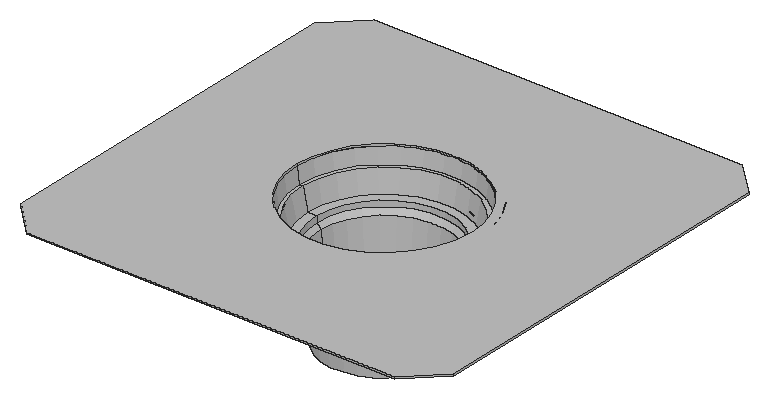
Revit family "482017001(1)", category Generic Models, host Floor, Revit 2019
Family settings
  Host = Floor
  Can host rebar = No
  Always vertical = Yes
  Cut with Voids When Loaded = No
  Shared = Yes
  Room Calculation Point = No
Parameters (values of type "482017001")
  SUPPLIER = "KOERO"
  NT = "Balcony transit and drain wastes"
  NN = "PLUVETTA®MET LODEN SLAB"
  NBSYN = "$CNSORDERNO.($LODLEVEL.)"
  NB = "482017001(1)"
  Model = "482017001"
  Manufacturer = "König & Ronneberger"
  MIdent = "{$CADENAS_DATA/23d-libs/koero/pluvetta/pluvetta_met_loden_slab.prj},195 {VTYP=3D},{NB=482017001(1)},{LINA=482017001},{NN=PLUVETTA®MET LODEN SLAB},{DATE=23.04.2020 08:29:08},{GEOMDATE=22.04.2020 12:13:00},{VERSION=},{LINEID=110},{WBVAR=LODLEVEL},{WBNUMERIC=LODLEVEL}  {NB=482017001(1)},{LINA=482017001},{KT=DUMMY},{CNSORDERNO=482017001},{LODLEVEL=1},{BEZ=Zonder rooster, met loodslap 33 x 33cm, 18 ponds (=ca. 1,6 mm dik), Stortkoker Ø 110 mm},{D=145},{D1=133},{D2=0},{H=0},{H1=96},{INFO=PDF Catalog},{HTML=Product page},{INFOPAGE=pluvetta_90},{INFOPATH=pluvetta_90_nl.pdf},{HTML1=https://debeer-sanitair.nl/maattekeningen/pluvetta/},{S=100.0},{VER=1},{X=3},{H2=12}"
  LODLEVEL = "300"
  LINA = "482017001"
  INFO = "PDF Catalog"
  HTML = "Product page"
  H1 = 96 mm
  H = 0 mm
  Description = "Balcony transit and drain wastes"
  D2 = 0 mm
  D1 = 133 mm
  D = 145 mm
  CREATOR = "CADENAS GmbH"
  CNSORDERNO = "482017001"
  CATALOG = "König & Ronneberger"
  BOMINFO = "LINA"
  BEZ = "Zonder rooster, met loodslap 33 x 33cm, 18 ponds (=ca. 1,6 mm dik), Stortkoker Ø 110 mm"
  ARTICLENO = "NB"
Reference planes
  plane 1 "Center (Front/Back)": y = 0
  plane 2: z = 0
  plane 3 "Center (Left/Right)": x = 0
Forms (mm)
  Extrusion 1, void
    sketch origin (0, 0, -96) x (-1, 0, 0) y (0, -1, 0)
      loop
        line (-0.5, -0.5) -> (0.5, -0.5) -> (0.5, 0.5) -> (-0.5, 0.5) -> (-0.5, -0.5)
    from 0 to 1
  Extrusion 2, void
    sketch origin (-81.489, 0, -85.924) x (0.017452, 0, -0.999848) y (0, 1, 0)
      loop
        line (-0.5, -0.5) -> (0.5, -0.5) -> (0.5, 0.5) -> (-0.5, 0.5) -> (-0.5, -0.5)
    from 0 to 1
Dimensions and locks
  locked: Extrusion 1 to plane 2 at 95
  locked: Extrusion 1 to plane 2 at 96
  aligned and locked: level to plane 2
Nested families
  nested 1: "482017001(1)_content" at (0, 0, 0), type "482017001(1)_Content"
Connectors
  hvac at (0, 0, 0)
    settings: on host floor, index 1, duct flow 0.0 L/s, flow factor 0, pres drop 0.0 Pa, loss coef 0, conn angle 0.00°, conn width 304.8 mm, conn height 304.8 mm, conn diameter 133 mm, duct sys type 29, conn prof type 0, flow config 0, flow direction 1, loss method 0, conn ref index -1, conn util no, is conn primary yes, conn desc ""
  hvac at (0, 0, -96)
    settings: on Extrusion 1, index 2, duct flow 0.0 L/s, flow factor 0, pres drop 0.0 Pa, loss coef 0, conn angle 0.00°, conn width 304.8 mm, conn height 304.8 mm, conn diameter 100 mm, duct sys type 29, conn prof type 0, flow config 0, flow direction 2, loss method 0, conn ref index -1, conn util no, is conn primary no, conn desc ""
  hvac at (-81.489, 0, -85.924)
    settings: on Extrusion 2, index 3, duct flow 0.0 L/s, flow factor 0, pres drop 0.0 Pa, loss coef 0, conn angle 0.00°, conn width 304.8 mm, conn height 304.8 mm, conn diameter 0 mm, duct sys type 29, conn prof type 0, flow config 0, flow direction 2, loss method 0, conn ref index -1, conn util no, is conn primary no, conn desc ""
Definition of nested family "482017001(1)_content"
  Parameters (values of type "482017001(1)_Content")
    SUPPLIER = "KOERO"
    NT = "Balcony transit and drain wastes"
    NN = "PLUVETTA®MET LODEN SLAB"
    NBSYN = "$CNSORDERNO.($LODLEVEL.)"
    NB = "482017001(1)"
    Model = "482017001"
    Manufacturer = "König & Ronneberger"
    LODLEVEL = "300"
    LINA = "482017001"
    INFO = "PDF Catalog"
    HTML = "Product page"
    H1 = 96 mm
    H = 0 mm
    Description = "Balcony transit and drain wastes"
    Default Elevation = 1219.2 mm
    D2 = 0 mm
    D1 = 133 mm
    D = 145 mm
    CREATOR = "CADENAS GmbH"
    CNSORDERNO = "482017001"
    CATALOG = "König & Ronneberger"
    BOMINFO = "LINA"
    BEZ = "Zonder rooster, met loodslap 33 x 33cm, 18 ponds (=ca. 1,6 mm dik), Stortkoker Ø 110 mm"
    ARTICLENO = "NB"
  Reference planes
    plane 1 "Center (Front/Back)": y = 0
    plane 2: z = 0
    plane 3 "Center (Left/Right)": x = 0
  Forms (mm)
    Revolve 1, solid, detail levels medium+fine
      sketch origin (0, 0, 0) x (-1, 0, 0) y (0, 0, -1)
        loop
          line (-72.5, 14) -> (-72.5, 12.5) -> (-69.5, 10) -> (-69.5, 6) -> (-72.5, 6) -> (-72.5, 0) -> (-66.5, 0) -> (-64.897, 12) -> (-61.897, 12) -> (-58.5, 28.657) -> (-51.5, 28.657) -> (-51.5, 33.157) -> (-48, 37.157) -> (-43.482, 96) -> (-45, 96) -> (-49.223, 41) -> (-53.223, 38) -> (-53.223, 30) -> (-63.223, 30) -> (-63.223, 28.5) -> (-61.211, 26.5) -> (-63.556, 15) -> (-72.5, 14)
        axis (0, 96) -> (0, 0)
      angle from -360 to 0
    Extrusion 2, solid, detail levels medium+fine
      sketch origin (0, 0, 0) x (-1, 0, 0) y (0, -1, 0)
        loop
          line (-165, -140.251) -> (-140.251, -165) -> (140.251, -165) -> (165, -140.251) -> (165, 140.251) -> (140.251, 165) -> (-140.251, 165) -> (-165, 140.251) -> (-165, -140.251)
        loop
          circle (0, 0) r 66.5
      from 0 to 5
    Extrusion 3, void, detail levels medium+fine
      sketch origin (0, 0, 0) x (-1, 0, 0) y (0, 0, -1)
        loop
          line (-170, -11.3) -> (170, -11.3) -> (170, -1.3) -> (-170, -1.3) -> (-170, -11.3)
      from -170 to 170
    Extrusion 4, solid, detail levels coarse
      sketch origin (0, 0, -96) x (1, 0, 0) y (0, 1, 0)
        loop
          line (-165, -165) -> (165, -165) -> (165, 165) -> (-165, 165) -> (-165, -165)
      from 0 to 97.3
  Cuts and joins
    Extrusion 3 cuts Revolve 1
    Extrusion 3 cuts Extrusion 2
  Dimensions and locks
    aligned and locked: level to plane 2
